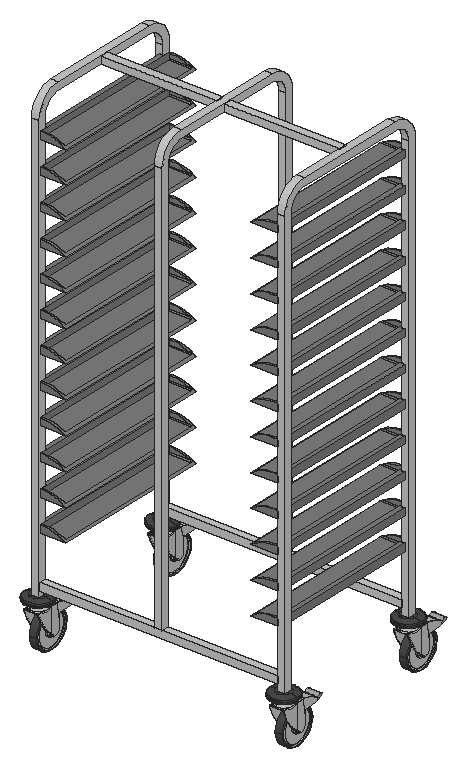
Revit family "QF_BOURGEAT_chariot_cafeteria_24plateaux_cote_a_cote_modele_haut_gris", category Equipement spécialisé, Revit 2015
Parameters (values of type "chariot_modele_haut_glissieres_grises_sans_panneaux")
  panneaux_lateraux_gris = no
  panneaux_fond_gris = no
  URL catalogue = "http://www.bourgeat.fr"
  URL = ""
  Type article = ""
  Spécification du Fabricant = "CHARIOT CAFETERIA"
  Profondeur hors tout = 620 mm
  Poids net à vide = 30.00 kg
  Modèle = "783306"
  Longueur hors tout = 925 mm
  Hauteur hors tout = 1700 mm
  Fabricant = "BOURGEAT"
  Contact SAV = "0033(0)4.76.32.14.44"
  Charge max = 120.00 kg
Types (4, lengths in mm): name | panneaux_lateraux_gris | panneaux_fond_gris | Poids net à vide | Modèle
  (no name) | no | no | 30.00 kg | "783306"
  chariot_modele_haut_glissieres_grises_sans_panneaux | no | no | 30.00 kg | "783306"
  chariot_modele_haut_glissieres_grises_avec_2_panneaux_gris | yes | no | 36.00 kg | "784906"
  chariot_modele_haut_glissieres_grises_avec_3_panneaux_gris | yes | yes | 39.00 kg | "784903"
Reference planes
  plane 1 "Centre (avant/arrière)": y = 0
  plane 2: z = 0
  plane 3 "Centre (gauche/droite)": x = 0
  plane 4: z = 227.8
  plane 5: z = 182
  plane 6: z = 202.8
  plane 7: y = 12.5
  plane 8: y = -12.5
  plane 9: x = 426.5
  plane 10: x = -426.5
  plane 11: z = 1570
  plane 12: z = 1462
  plane 13: z = 1354
  plane 14: z = 1246
  plane 15: z = 1138
  plane 16: z = 1030
  plane 17: z = 922
  plane 18: z = 814
  plane 19: z = 706
  plane 20: z = 598
  plane 21: z = 490
  plane 22: z = 382
  plane 23: x = -401.5
  plane 24: z = 1674
  plane 25: x = 401.5
  plane 26: x = -207
  plane 27: x = 207
Forms (mm)
  Extrusion 1, solid, material "Acier inoxydable, brossé"
    sketch origin (0, 0, 0) x (0, 1, 0) y (0, 0, 1)
      loop
        line (-274, 228) -> (-274, 202.8) -> (-249, 202.8) -> (-249, 228) -> (-274, 228)
      loop
        line (249, 202.8) -> (274, 202.8) -> (274, 228) -> (249, 228) -> (249, 202.8)
    from -401.5 to 401.5
  Extrusion 2, solid, material "Acier inoxydable, brossé"
    sketch origin (0, 0, 0) x (0, 1, 0) y (0, 0, 1)
      loop
        line (-12.5, 1703) -> (-12.5, 1678) -> (12.5, 1678) -> (12.5, 1703) -> (-12.5, 1703)
    from 12.5 to 401.5
  Extrusion 3, solid, material "Acier inoxydable, brossé"
    sketch origin (0, 0, 0) x (0, 1, 0) y (0, 0, -1)
      loop
        line (-12.5, -1703) -> (12.5, -1703) -> (12.5, -1678) -> (-12.5, -1678) -> (-12.5, -1703)
    from 12.5 to 401.5
Dimensions and locks
  plane 4 to plane 6 = 25 mm
  locked: plane 10 to plane 9 at 853
  Extrusion 2 to plane 2 = 1703 mm
  plane 4 to plane 2 = 227.8 mm
  Extrusion 2 to plane 4 = 1475.2 mm
  equal spacing: group 1, group 2, group 3, group 4, group 5, group 6, group 7, group 8, group 9, group 10, group 11, group 12  (x2)
  equal spacing: group 12, group 11, group 10, group 9, group 8, group 7, group 6, group 5, group 4, group 3, group 2, group 1
  plane 10 to plane 3 "Centre (gauche/droite)" = 426.5 mm
  nested 34 to nested 4 = 389 mm
  plane 25 to nested 34 = 389 mm
  equal spacing: Extrusion 2, plane 27, plane 25
  aligned and locked: level to plane 2
  aligned and locked: plane 6 to Extrusion 1 sketch curve
  aligned and locked: Extrusion 1 sketch curve to plane 6
  aligned and locked: plane 10 to nested 4
  aligned and locked: plane 9 to nested 5
  aligned and locked: nested 4 to nested 1
  aligned and locked: nested 2 to nested 4
  aligned and locked: nested 3 to nested 5
  aligned and locked: nested 6 to nested 5
  aligned and locked: nested 5 to nested 6
  aligned and locked: Extrusion 2 sketch curve to nested 4  (x2)
  aligned and locked: Extrusion 2 sketch curve to plane 8
  aligned and locked: Extrusion 2 sketch curve to plane 7
  aligned and locked: plane 5 to nested 4
  aligned and locked: nested 5 to plane 5
  aligned and locked: plane 11 to nested 7
  aligned and locked: plane 23 to nested 7
  aligned and locked: plane 23 to nested 8
  aligned and locked: plane 24 to nested 32
  aligned and locked: plane 24 to nested 31
  aligned and locked: nested 32 to nested 19
  aligned and locked: nested 31 to nested 7
  aligned and locked: plane 24 to nested 33
  aligned and locked: nested 33 to nested 7
  aligned and locked: plane 25 to nested 19
  aligned and locked: plane 25 to nested 20
  aligned and locked: plane 25 to nested 21
  aligned and locked: plane 25 to nested 22
  aligned and locked: plane 25 to nested 23
  aligned and locked: plane 25 to nested 24
  aligned and locked: plane 25 to nested 25
  aligned and locked: plane 25 to nested 26
  aligned and locked: plane 25 to nested 27
  aligned and locked: plane 25 to nested 28
  aligned and locked: plane 25 to nested 29
  aligned and locked: plane 25 to nested 30
  aligned and locked: plane 25 to nested 5
  aligned and locked: nested 5 to Extrusion 2
  aligned and locked: Extrusion 1 to nested 34
  aligned and locked: Extrusion 2 to nested 34
  aligned and locked: plane 25 to Extrusion 1
  aligned and locked: Extrusion 1 to nested 4
  aligned and locked: nested 33 to plane 26
  aligned and locked: nested 35 to plane 27
  aligned and locked: plane 24 to nested 35
Automatic sketch dimensions
  plane 8 to Extrusion 1 sketch curve = 261.5 mm
  Extrusion 1 sketch curve to Extrusion 1 sketch curve = 25 mm  (x2)
  plane 7 to Extrusion 1 sketch curve = 236.5 mm
  plane 4 to Extrusion 1 sketch curve = 0.2 mm  (x2)
  Extrusion 3 sketch curve to plane 8 = 0 mm
  Extrusion 3 sketch curve to plane 7 = 0 mm
  plane 24 to Extrusion 3 sketch curve = 29 mm
  plane 24 to Extrusion 3 sketch curve = 4 mm
Nested families
  nested 1: "ROULETTE_H182" at (-414, 261.5, 0), type "ROULETTE_H182"
    with Sans frein yes, Avec frein yes
  nested 2: "ROULETTE_H182" at (-414, -261.5, 0), type "ROULETTE_H182"
    with Sans frein yes, Avec frein yes
  nested 3: "ROULETTE_H182" at (414, -261.5, 0), type "ROULETTE_H182"
    with Sans frein yes, Avec frein yes
  nested 4: "montant_U_grand_modele" at (-414, 0, 182) x (0, 1, 0) z (0, 0, 1), type "montant_U_grand_modele"
  nested 5: "montant_U_grand_modele" at (414, 0, 182) x (0, 1, 0) z (0, 0, 1), type "montant_U_grand_modele"
  nested 6: "ROULETTE_H182" at (414, 261.5, 0), type "ROULETTE_H182"
    with Sans frein yes, Avec frein yes
  nested 7: "glissiere_polypropylene_gris" at (-411.5, 0, 1565), type "glissiere_polypropylene_gris"
  nested 8: "glissiere_polypropylene_gris" at (-411.5, 0, 1457), type "glissiere_polypropylene_gris"
  nested 9: "glissiere_polypropylene_gris" at (-411.5, 0, 1349), type "glissiere_polypropylene_gris"
  nested 10: "glissiere_polypropylene_gris" at (-411.5, 0, 1241), type "glissiere_polypropylene_gris"
  nested 11: "glissiere_polypropylene_gris" at (-411.5, 0, 1133), type "glissiere_polypropylene_gris"
  nested 12: "glissiere_polypropylene_gris" at (-411.5, 0, 1025), type "glissiere_polypropylene_gris"
  nested 13: "glissiere_polypropylene_gris" at (-411.5, 0, 917), type "glissiere_polypropylene_gris"
  nested 14: "glissiere_polypropylene_gris" at (-411.5, 0, 809), type "glissiere_polypropylene_gris"
  nested 15: "glissiere_polypropylene_gris" at (-411.5, 0, 701), type "glissiere_polypropylene_gris"
  nested 16: "glissiere_polypropylene_gris" at (-411.5, 0, 593), type "glissiere_polypropylene_gris"
  nested 17: "glissiere_polypropylene_gris" at (-411.5, 0, 485), type "glissiere_polypropylene_gris"
  nested 18: "glissiere_polypropylene_gris" at (-411.5, 0, 377), type "glissiere_polypropylene_gris"
  nested 19: "glissiere_polypropylene_gris" at (411.5, 0, 1565) x (-1, 0, 0) z (0, 0, 1), type "glissiere_polypropylene_gris"
  nested 20: "glissiere_polypropylene_gris" at (411.5, 0, 1457) x (-1, 0, 0) z (0, 0, 1), type "glissiere_polypropylene_gris"
  nested 21: "glissiere_polypropylene_gris" at (411.5, 0, 1349) x (-1, 0, 0) z (0, 0, 1), type "glissiere_polypropylene_gris"
  nested 22: "glissiere_polypropylene_gris" at (411.5, 0, 1241) x (-1, 0, 0) z (0, 0, 1), type "glissiere_polypropylene_gris"
  nested 23: "glissiere_polypropylene_gris" at (411.5, 0, 1133) x (-1, 0, 0) z (0, 0, 1), type "glissiere_polypropylene_gris"
  nested 24: "glissiere_polypropylene_gris" at (411.5, 0, 1025) x (-1, 0, 0) z (0, 0, 1), type "glissiere_polypropylene_gris"
  nested 25: "glissiere_polypropylene_gris" at (411.5, 0, 917) x (-1, 0, 0) z (0, 0, 1), type "glissiere_polypropylene_gris"
  nested 26: "glissiere_polypropylene_gris" at (411.5, 0, 809) x (-1, 0, 0) z (0, 0, 1), type "glissiere_polypropylene_gris"
  nested 27: "glissiere_polypropylene_gris" at (411.5, 0, 701) x (-1, 0, 0) z (0, 0, 1), type "glissiere_polypropylene_gris"
  nested 28: "glissiere_polypropylene_gris" at (411.5, 0, 593) x (-1, 0, 0) z (0, 0, 1), type "glissiere_polypropylene_gris"
  nested 29: "glissiere_polypropylene_gris" at (411.5, 0, 485) x (-1, 0, 0) z (0, 0, 1), type "glissiere_polypropylene_gris"
  nested 30: "glissiere_polypropylene_gris" at (411.5, 0, 377) x (-1, 0, 0) z (0, 0, 1), type "glissiere_polypropylene_gris"
  nested 31: "panneaux_lateraux_gris_grand_modele" at (-415.5, 0, 254) x (0, 1, 0) z (0, 0, 1), visible <- "panneaux_lateraux_gris", type "panneaux_lateraux_gris_grand_modele"
  nested 32: "panneaux_lateraux_gris_grand_modele" at (411.5, 0, 254) x (0, 1, 0) z (0, 0, 1), visible <- "panneaux_lateraux_gris", type "panneaux_lateraux_gris_grand_modele"
  nested 33: "panneaux_fond_gris_grand_modele" at (-207, 276.5, 254), visible <- "panneaux_fond_gris", type "panneaux_fond_gris_grand_modele"
  nested 34: "montant_U_central_grand_modele" at (0, 0, 228) x (0, 1, 0) z (0, 0, 1), type "montant_U_central_grand_modele"
  nested 35: "panneaux_fond_gris_grand_modele" at (207, 276.5, 254), visible <- "panneaux_fond_gris", type "panneaux_fond_gris_grand_modele"
Definition of nested family "ROULETTE_H182"
  Parameters (values of type "ROULETTE_H182")
    Sans frein [instance] = yes
    Avec frein [instance] = yes
  Reference planes
    plane 1 "Centre (avant/arrière)": y = 0
    plane 2: z = 0
    plane 3 "Centre (gauche/droite)": x = 0
    plane 4: y = 40.851
    plane 5: z = 62.5
  Forms (mm)
    Extrusion 1, solid
      sketch origin (0, 0, 0) x (0, 1, 0) y (0, 0, 1)
        loop
          circle (40.851, 62.5) r 62.5
        loop
          circle (40.851, 62.5) r 57.5
      from -12.5 to 12.5
    Revolve 2, solid
      sketch origin (0, 0, 30.333) x (1, 0, 0) y (0, 0, 1)
        loop
          line (0, 151.667) -> (-25, 151.667) -> (-45.338, 146.217)
          arc (-45.338, 146.217) -> (-46.897, 145.175) -> (-47.5, 143.4) r 2.917
          line (-47.5, 143.4) -> (-47.5, 138.833)
          arc (-47.5, 138.833) -> (-47.012, 137.655) -> (-45.833, 137.167) r 1.667
          line (-45.833, 137.167) -> (-24.607, 137.167) -> (-24, 132.667) -> (0, 132.667) -> (0, 151.667)
        axis (0, 151.667) -> (0, 132.667)
      angle from 0 to 360
    Revolve 3, solid
      sketch origin (0, 0, 0) x (0, 1, 0) y (0, 0, 1)
        loop
          line (0, 163) -> (-20.149, 163) -> (-20.149, 159.41) -> (-21.6, 159.41)
          arc (-21.6, 159.41) -> (-24.448, 158.65) -> (-26.537, 156.572) r 5.712
          line (-26.537, 156.572) -> (-30.146, 147.743) -> (-26.999, 147.062) -> (-26.999, 146.112)
          arc (-26.999, 146.112) -> (-27.23, 145.314) -> (-27.849, 144.761) r 1.5
          arc (-27.849, 144.761) -> (-29.223, 143.633) -> (-29.923, 142) r 3.75
          line (-29.923, 142) -> (0, 142) -> (0, 163)
        axis (0, 163) -> (0, 142)
      angle from 0 to 360
    Extrusion 4, solid
      sketch origin (0, 0, 0) x (0, 1, 0) y (0, 0, -1)
        loop
          line (-29.974, -138.241) -> (-29.974, -142) -> (21.747, -142) -> (21.747, -60.336)
          arc (21.747, -60.336) -> (10.272, -70.702) -> (-0.149, -82.127) r 160.057
          arc (-0.149, -82.127) -> (-17.883, -108.684) -> (-29.974, -138.241) r 159.585
      from -24.913 to -23.038
    Extrusion 5, solid
      sketch origin (0, 0, 0) x (0, 1, 0) y (0, 0, 1)
        loop
          line (-29.974, 142) -> (-29.974, 140.869) -> (21.747, 140.869) -> (21.747, 142) -> (-29.974, 142)
      from -23.038 to 23.038
    Extrusion 6, solid
      sketch origin (0, 0, 0) x (0, 1, 0) y (0, 0, 1)
        loop
          circle (40.851, 62.5) r 57.5
        loop
          circle (40.851, 62.5) r 55
      from -12.5 to 12.5
    Extrusion 7, solid
      sketch origin (0, 0, 0) x (0, 1, 0) y (0, 0, 1)
        loop
          circle (40.851, 62.5) r 55
      from -7 to 7
    Extrusion 8, solid
      sketch origin (0, 0, 0) x (0, 1, 0) y (0, 0, 1)
        loop
          circle (40.851, 62.5) r 21
      from 7 to 15
    Extrusion 9, solid
      sketch origin (0, 0, 0) x (0, 1, 0) y (0, 0, -1)
        loop
          circle (40.851, -62.5) r 16
      from -23.038 to -15
    Extrusion 10, solid, visible <- "Sans frein"
      sketch origin (0, 0, 0) x (0, 1, 0) y (0, 0, 1)
        loop
          arc (21.747, 60.336) -> (23.188, 59.17) -> (24.642, 58.02) r 161.23
          arc (24.642, 58.02) -> (29.34, 54.513) -> (34.187, 51.216) r 133.333
          arc (34.187, 51.216) -> (46.517, 50.3) -> (53.927, 60.198) r 12.867
          arc (53.927, 60.198) -> (54.714, 99.183) -> (46.119, 137.216) r 161.222
          arc (46.119, 137.216) -> (45.679, 138.887) -> (45.531, 140.609) r 10.076
          line (45.531, 140.609) -> (45.531, 142) -> (21.747, 142) -> (21.747, 60.336)
      from 23.038 to 24.913
    Extrusion 11, solid, visible <- "Sans frein"
      sketch origin (0, 0, 0) x (0, 1, 0) y (0, 0, 1)
        loop
          line (21.747, 142) -> (21.747, 140.701) -> (48.851, 140.701) -> (48.851, 142) -> (21.747, 142)
      from -23.038 to 23.038
    Extrusion 12, solid, visible <- "Avec frein"
      sketch origin (0, 0, 0) x (0, 1, 0) y (0, 0, 1)
        loop
          line (21.747, 142) -> (21.747, 60.336)
          arc (21.747, 60.336) -> (23.177, 59.179) -> (24.62, 58.038) r 160.008
          arc (24.62, 58.038) -> (29.041, 54.705) -> (33.574, 51.527) r 160
          arc (33.574, 51.527) -> (46.135, 50.422) -> (53.724, 60.491) r 13
          arc (53.724, 60.491) -> (55.279, 82.092) -> (53.902, 103.704) r 160
          arc (53.902, 103.704) -> (55.53, 108.653) -> (60.415, 110.463) r 6
          arc (60.415, 110.463) -> (80.625, 109.924) -> (100.725, 112.107) r 150
          arc (100.725, 112.107) -> (104.408, 113.406) -> (107.479, 115.819) r 12
          line (107.479, 115.819) -> (110.851, 121.523)
          arc (110.851, 121.523) -> (85.913, 134.651) -> (58.706, 142) r 127.902
          line (58.706, 142) -> (21.747, 142)
      from 23.038 to 24.913
    Extrusion 13, solid, visible <- "Avec frein"
      sketch origin (0, 0, 0) x (0, 1, 0) y (0, 0, 1)
        loop
          line (58.706, 142) -> (21.747, 142) -> (21.747, 140) -> (58.552, 140)
          arc (58.552, 140) -> (85.253, 132.762) -> (109.73, 119.866) r 125.902
          line (109.73, 119.866) -> (110.851, 121.523)
          arc (110.851, 121.523) -> (85.913, 134.651) -> (58.706, 142) r 127.902
      from -23.038 to 23.038
    Extrusion 14, solid, visible <- "Avec frein"
      sketch origin (0, 19.896, 18.175) x (0, 1, 0) y (0, 0, 1)
        loop
          line (87.583, 97.644) -> (91.829, 95.227)
          arc (91.829, 95.227) -> (93.8, 95.006) -> (95.312, 96.29) r 2.5
          arc (95.312, 96.29) -> (103.495, 100.002) -> (111.176, 104.666) r 74.999
          line (111.176, 104.666) -> (110.852, 105.929)
          arc (110.852, 105.929) -> (110.04, 107.086) -> (108.666, 107.417) r 2
          arc (108.666, 107.417) -> (101.396, 105.849) -> (94.512, 103.034) r 42.354
          line (94.512, 103.034) -> (93.479, 101.228) -> (93.285, 100.414) -> (91.69, 101.675) -> (90.401, 102.412) -> (87.583, 97.644)
      from -23.038 to 23.038
    Extrusion 15, solid, not visible
      sketch origin (0, 0, 0) x (0, 1, 0) y (0, 0, -1)
        loop
          line (-29.974, -138.241) -> (-29.974, -142) -> (21.747, -142) -> (21.747, -60.336)
          arc (21.747, -60.336) -> (10.272, -70.702) -> (-0.149, -82.127) r 160.057
          arc (-0.149, -82.127) -> (-17.883, -108.684) -> (-29.974, -138.241) r 159.585
      from -24.913 to -23.038
    Extrusion 16, solid, not visible
      sketch origin (0, 0, 0) x (0, 1, 0) y (0, 0, 1)
        loop
          circle (40.851, 62.5) r 21
      from 7 to 15
    Extrusion 17, solid, not visible
      sketch origin (0, 0, 0) x (0, 1, 0) y (0, 0, -1)
        loop
          circle (40.851, -62.5) r 16
      from -23.038 to -15
    Extrusion 18, solid, visible <- "Sans frein", not visible
      sketch origin (0, 0, 0) x (0, 1, 0) y (0, 0, 1)
        loop
          arc (21.747, 60.336) -> (23.188, 59.17) -> (24.642, 58.02) r 161.23
          arc (24.642, 58.02) -> (29.34, 54.513) -> (34.187, 51.216) r 133.333
          arc (34.187, 51.216) -> (46.517, 50.3) -> (53.927, 60.198) r 12.867
          arc (53.927, 60.198) -> (54.714, 99.183) -> (46.119, 137.216) r 161.222
          arc (46.119, 137.216) -> (45.679, 138.887) -> (45.531, 140.609) r 10.076
          line (45.531, 140.609) -> (45.531, 142) -> (21.747, 142) -> (21.747, 60.336)
      from 23.038 to 24.913
    Extrusion 19, solid, visible <- "Avec frein", not visible
      sketch origin (0, 0, 0) x (0, 1, 0) y (0, 0, 1)
        loop
          line (21.747, 142) -> (21.747, 60.336)
          arc (21.747, 60.336) -> (23.177, 59.179) -> (24.62, 58.038) r 160.008
          arc (24.62, 58.038) -> (29.041, 54.705) -> (33.574, 51.527) r 160
          arc (33.574, 51.527) -> (46.135, 50.422) -> (53.724, 60.491) r 13
          arc (53.724, 60.491) -> (55.279, 82.092) -> (53.902, 103.704) r 160
          arc (53.902, 103.704) -> (55.53, 108.653) -> (60.415, 110.463) r 6
          arc (60.415, 110.463) -> (80.625, 109.924) -> (100.725, 112.107) r 150
          arc (100.725, 112.107) -> (104.408, 113.406) -> (107.479, 115.819) r 12
          line (107.479, 115.819) -> (110.851, 121.523)
          arc (110.851, 121.523) -> (85.913, 134.651) -> (58.706, 142) r 127.902
          line (58.706, 142) -> (21.747, 142)
      from 23.038 to 24.913
    Extrusion 20, solid
      sketch origin (0, 0, 0) x (0, -1, 0) y (0, 0, -1)
        loop
          arc (29.974, -138.241) -> (17.883, -108.684) -> (0.149, -82.127) r 159.585
          arc (0.149, -82.127) -> (-10.272, -70.702) -> (-21.747, -60.336) r 160.057
          line (-21.747, -60.336) -> (-21.747, -142) -> (29.974, -142) -> (29.974, -138.241)
      from -24.913 to -23.038
    Extrusion 21, solid
      sketch origin (0, 0, 0) x (0, -1, 0) y (0, 0, 1)
        loop
          circle (-40.851, 62.5) r 21
      from 7 to 15
    Extrusion 22, solid
      sketch origin (0, 0, 0) x (0, -1, 0) y (0, 0, -1)
        loop
          circle (-40.851, -62.5) r 16
      from -23.038 to -15
    Extrusion 23, solid, visible <- "Sans frein"
      sketch origin (0, 0, 0) x (0, -1, 0) y (0, 0, 1)
        loop
          line (-21.747, 60.336) -> (-21.747, 142) -> (-45.531, 142) -> (-45.531, 140.609)
          arc (-45.531, 140.609) -> (-45.679, 138.887) -> (-46.119, 137.216) r 10.076
          arc (-46.119, 137.216) -> (-54.714, 99.183) -> (-53.927, 60.198) r 161.222
          arc (-53.927, 60.198) -> (-46.517, 50.3) -> (-34.187, 51.216) r 12.867
          arc (-34.187, 51.216) -> (-29.34, 54.513) -> (-24.642, 58.02) r 133.333
          arc (-24.642, 58.02) -> (-23.188, 59.17) -> (-21.747, 60.336) r 161.23
      from 23.038 to 24.913
    Extrusion 24, solid, visible <- "Avec frein"
      sketch origin (0, 0, 0) x (0, -1, 0) y (0, 0, 1)
        loop
          line (-21.747, 142) -> (-58.706, 142)
          arc (-58.706, 142) -> (-85.913, 134.651) -> (-110.851, 121.523) r 127.902
          line (-110.851, 121.523) -> (-107.479, 115.819)
          arc (-107.479, 115.819) -> (-104.408, 113.406) -> (-100.725, 112.107) r 12
          arc (-100.725, 112.107) -> (-80.625, 109.924) -> (-60.415, 110.463) r 150
          arc (-60.415, 110.463) -> (-55.53, 108.653) -> (-53.902, 103.704) r 6
          arc (-53.902, 103.704) -> (-55.279, 82.092) -> (-53.724, 60.491) r 160
          arc (-53.724, 60.491) -> (-46.135, 50.422) -> (-33.574, 51.527) r 13
          arc (-33.574, 51.527) -> (-29.041, 54.705) -> (-24.62, 58.038) r 160
          arc (-24.62, 58.038) -> (-23.177, 59.179) -> (-21.747, 60.336) r 160.008
          line (-21.747, 60.336) -> (-21.747, 142)
      from 23.038 to 24.913
  Dimensions and locks
    aligned and locked: level to plane 2
Definition of nested family "montant_U_grand_modele"
  Reference planes
    plane 1 "Centre (avant/arrière)": y = 0
    plane 2: z = 0
    plane 3 "Centre (gauche/droite)": x = 0
    plane 4: x = -261.5
    plane 5: x = 261.5
    plane 6: z = 1508.5
  Forms (mm)
    Sweep 1, solid
      path origin (0, 0, 0) x (1, 0, 0) y (0, 0, 1)
        loop
          line (-261.5, 0) -> (-261.5, 1438.5)
          arc (-261.5, 1438.5) -> (-240.997, 1487.997) -> (-191.5, 1508.5) r 70
          line (-191.5, 1508.5) -> (191.5, 1508.5)
          arc (191.5, 1508.5) -> (240.997, 1487.997) -> (261.5, 1438.5) r 70
          line (261.5, 1438.5) -> (261.5, 0)
      profile origin (-261.5, 0, 719.25) x (-1, 0, 0) y (0, -1, 0)
        loop
          line (-12.5, -12.5) -> (12.5, -12.5) -> (12.5, 12.5) -> (-12.5, 12.5) -> (-12.5, -12.5)
  Dimensions and locks
    equal spacing: plane 4, plane 3 "Centre (gauche/droite)", plane 5
    plane 6 to plane 2 = 1508.5 mm
    Sweep 1 to Sweep 1 = 548 mm
    aligned and locked: level to plane 2
    aligned and locked: Sweep 1 sketch curve to plane 4
    aligned and locked: Sweep 1 sketch curve to plane 6
    aligned and locked: Sweep 1 sketch curve to plane 5
  Automatic sketch dimensions
    Sweep 1 sketch curve to level = 0 mm  (x2)
    Sweep 1 sketch curve to plane 4 = 70 mm
    Sweep 1 sketch curve to Sweep 1 sketch curve = 70 mm
    Sweep 1 sketch curve to plane 1 "Centre (avant/arrière)" = 12.5 mm
    plane 1 "Centre (avant/arrière)" to Sweep 1 sketch curve = 12.5 mm
    profile plane to Sweep 1 sketch curve = 12.5 mm
    Sweep 1 sketch curve to profile plane = 12.5 mm
Definition of nested family "glissiere_polypropylene_gris"
  Reference planes
    plane 1 "Centre (avant/arrière)": y = 0
    plane 2: z = 0
    plane 3 "Centre (gauche/droite)": x = 0
    plane 4: z = 25
    plane 5: x = 100
    plane 6: x = 22
    plane 7: y = 272.5
    plane 8: y = -272.5
    plane 9: x = 15
    plane 10: y = -267.5
    plane 11: z = 5
    plane 12: y = 267.5
    plane 13: y = 247.7
    plane 14: y = -247.7
    plane 15: x = 10
  Forms (mm)
    Extrusion 1, solid
      sketch origin (0, 0, 0) x (1, 0, 0) y (0, 0, 1)
        loop
          line (0, 25) -> (0, 0) -> (100, 0)
          arc (100, 0) -> (62.954, 18.597) -> (22, 25) r 134.18
          line (22, 25) -> (0, 25)
      from -272.5 to 272.5
    Extrusion 2, void
      sketch origin (0, 0, 0) x (0, 1, 0) y (0, 0, 1)
        loop
          line (-264, 5) -> (264, 5)
          arc (264, 5) -> (266.475, 6.025) -> (267.5, 8.5) r 3.5
          line (267.5, 8.5) -> (267.5, 43.902) -> (-267.5, 43.902) -> (-267.5, 8.5)
          arc (-267.5, 8.5) -> (-266.475, 6.025) -> (-264, 5) r 3.5
      from 15 to 250
    Extrusion 3, void
      sketch origin (0, 0, 0) x (1, 0, 0) y (0, 1, 0)
        loop
          line (10, 247.7) -> (10, 289.852) -> (-26.988, 289.852) -> (-26.988, 247.7) -> (10, 247.7)
        loop
          line (10, -247.7) -> (-17.716, -247.7) -> (-17.716, -285.125) -> (10, -285.125) -> (10, -247.7)
      from -29.595 to 250
  Cuts and joins
    Extrusion 2, Extrusion 3 cuts Extrusion 1
  Dimensions and locks
    aligned and locked: level to plane 2
    aligned and locked: Extrusion 1 sketch curve to plane 3 "Centre (gauche/droite)"
    aligned and locked: Extrusion 1 sketch curve to plane 2
    aligned and locked: Extrusion 1 sketch curve to plane 4
    aligned and locked: plane 7 to Extrusion 1
    aligned and locked: plane 8 to Extrusion 1
    aligned and locked: Extrusion 2 sketch curve to plane 11
    aligned and locked: Extrusion 2 sketch curve to plane 10
    aligned and locked: plane 12 to Extrusion 2 sketch curve
    aligned and locked: Extrusion 2 to plane 9
    aligned and locked: plane 13 to Extrusion 3 sketch curve
    aligned and locked: plane 15 to Extrusion 3 sketch curve
    aligned and locked: plane 14 to Extrusion 3 sketch curve
    aligned and locked: Extrusion 3 sketch curve to plane 15
Definition of nested family "panneaux_lateraux_gris_grand_modele"
  Reference planes
    plane 1 "Centre (avant/arrière)": y = 0
    plane 2: z = 0
    plane 3 "Centre (gauche/droite)": x = 0
    plane 4: x = -244
    plane 5: x = 244
    plane 6: z = 1420
    plane 7: y = -4
  Forms (mm)
    Extrusion 1, solid
      sketch origin (0, 0, 0) x (1, 0, 0) y (0, 0, 1)
        loop
          arc (-191.5, 1420) -> (-228.623, 1404.623) -> (-244, 1367.5) r 52.5
          line (-244, 1367.5) -> (-244, 0) -> (244, 0) -> (244, 1367.5)
          arc (244, 1367.5) -> (228.623, 1404.623) -> (191.5, 1420) r 52.5
          line (191.5, 1420) -> (-191.5, 1420)
      from 0 to 4
  Dimensions and locks
    plane 6 to plane 2 = 1420 mm
    plane 4 to plane 3 "Centre (gauche/droite)" = 244 mm
    plane 5 to plane 3 "Centre (gauche/droite)" = 244 mm
    aligned and locked: level to plane 2
    aligned and locked: Extrusion 1 sketch curve to plane 6
    aligned and locked: Extrusion 1 sketch curve to plane 4
    aligned and locked: plane 2 to Extrusion 1 sketch curve
    aligned and locked: Extrusion 1 sketch curve to plane 5
    aligned and locked: Extrusion 1 to plane 7
Definition of nested family "panneaux_fond_gris_grand_modele"
  Reference planes
    plane 1 "Centre (avant/arrière)": y = 0
    plane 2: z = 0
    plane 3 "Centre (gauche/droite)": x = 0
    plane 4: x = -189.5
    plane 5: x = 189.5
    plane 6: z = 1420
    plane 7: y = -4
  Forms (mm)
    Extrusion 1, solid
      sketch origin (0, 0, 0) x (1, 0, 0) y (0, 0, 1)
        loop
          arc (-137, 1420) -> (-174.123, 1404.623) -> (-189.5, 1367.5) r 52.5
          line (-189.5, 1367.5) -> (-189.5, 0) -> (189.5, 0) -> (189.5, 1367.5)
          arc (189.5, 1367.5) -> (174.123, 1404.623) -> (137, 1420) r 52.5
          line (137, 1420) -> (-137, 1420)
      from 0 to 4
  Dimensions and locks
    plane 6 to plane 2 = 1420 mm
    plane 4 to plane 3 "Centre (gauche/droite)" = 189.5 mm
    plane 5 to plane 3 "Centre (gauche/droite)" = 189.5 mm
    aligned and locked: level to plane 2
    aligned and locked: Extrusion 1 sketch curve to plane 6
    aligned and locked: Extrusion 1 sketch curve to plane 4
    aligned and locked: plane 2 to Extrusion 1 sketch curve
    aligned and locked: Extrusion 1 sketch curve to plane 5
    aligned and locked: Extrusion 1 to plane 7
Definition of nested family "montant_U_central_grand_modele"
  Reference planes
    plane 1 "Centre (avant/arrière)": y = 0
    plane 2: z = 0
    plane 3 "Centre (gauche/droite)": x = 0
    plane 4: x = -261.5
    plane 5: x = 261.5
    plane 6: z = 1462.5
  Forms (mm)
    Sweep 1, solid
      path origin (0, 0, 0) x (1, 0, 0) y (0, 0, 1)
        loop
          line (-261.5, 0) -> (-261.5, 1392.5)
          arc (-261.5, 1392.5) -> (-240.997, 1441.997) -> (-191.5, 1462.5) r 70
          line (-191.5, 1462.5) -> (191.5, 1462.5)
          arc (191.5, 1462.5) -> (240.997, 1441.997) -> (261.5, 1392.5) r 70
          line (261.5, 1392.5) -> (261.5, 0)
      profile origin (-261.5, 0, 696.25) x (-1, 0, 0) y (0, -1, 0)
        loop
          line (-12.5, -12.5) -> (12.5, -12.5) -> (12.5, 12.5) -> (-12.5, 12.5) -> (-12.5, -12.5)
  Dimensions and locks
    equal spacing: plane 4, plane 3 "Centre (gauche/droite)", plane 5
    plane 6 to plane 2 = 1462.5 mm
    Sweep 1 to Sweep 1 = 548 mm
    aligned and locked: level to plane 2
    aligned and locked: Sweep 1 sketch curve to plane 4
    aligned and locked: Sweep 1 sketch curve to plane 6
    aligned and locked: Sweep 1 sketch curve to plane 5
  Automatic sketch dimensions
    Sweep 1 sketch curve to level = 0 mm  (x2)
    Sweep 1 sketch curve to plane 4 = 70 mm
    Sweep 1 sketch curve to Sweep 1 sketch curve = 70 mm
    Sweep 1 sketch curve to plane 1 "Centre (avant/arrière)" = 12.5 mm
    plane 1 "Centre (avant/arrière)" to Sweep 1 sketch curve = 12.5 mm
    profile plane to Sweep 1 sketch curve = 12.5 mm
    Sweep 1 sketch curve to profile plane = 12.5 mm
